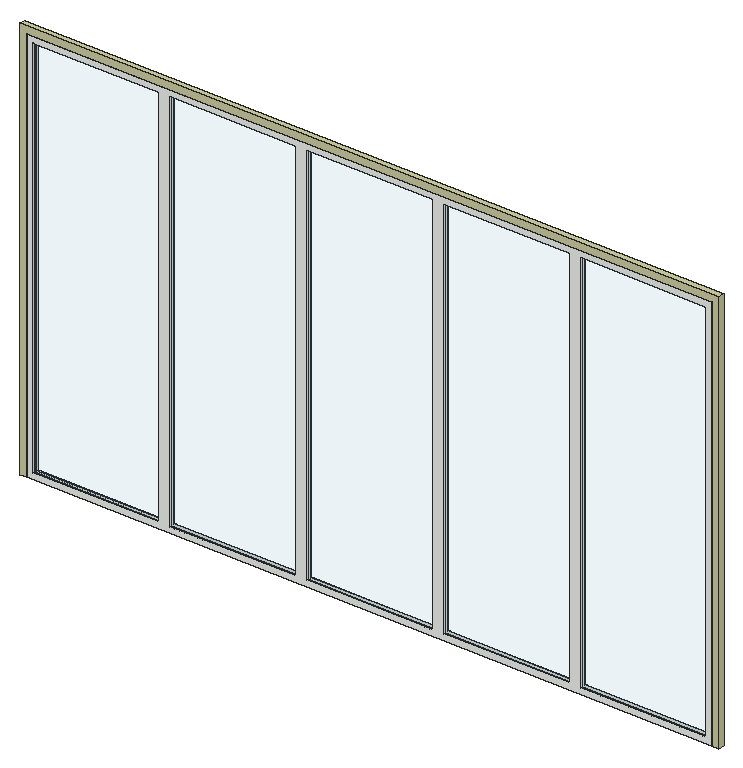
Revit family "Витраж RI 44 внутренний", category Окна, Revit 2016
Family settings
  Основа = Стена
  Номер OmniClass = 23.30.20.00
  Заголовок OmniClass = Windows
  Всегда вертикально = Да
  При загрузке вырезать с полостями = Нет
  Общий = Нет
  Точка расчета площади = Нет
Parameters (values of type "Витраж RI 44 внутренний")
  Четверть.Ширина [instance] = 50 mm
  Четверть.Высота [instance] = 50 mm
  Четверть.Верх [instance] = if(Четверть, Четверть.Высота, 0 mm)  # 50 mm
  Четверть.Бок [instance] = if(Четверть, Четверть.Ширина, 0 mm)  # 50 mm
  Четверть [instance] = yes
  Толщина = 0 mm  # constant formula
  Огнестойкость = ""
  Материал-Монтажный зазор = REALIT_Монтажный шов
  Глубина вставки [instance] = 100 mm
  Витраж.Ширина рамы [instance] = ADSK_Размер_Ширина  # 5000 mm
  Витраж.Ширина профиля = 44 mm
  Ширина проема [instance] = ADSK_Размер_Ширина + Монтажный зазор.Боковой * 2  # 5100 mm
  Цвет профиля = "RAL 9016"
  Формула стеклопакета = ""
  Толщина стеклопакета = "26"
  Стеклопакет.Толщина = 26 mm
  Система фурнитуры [instance] = ""
  Расчетное значение ветровой нагрузки [instance] = 0
  Рама.Окно.Ширина [instance] = 5000 mm
  Рама.Окно.Высота [instance] = 2900 mm
  Витраж.Шаг [instance] = ADSK_Размер_Шаг  # 1000 mm
  Витраж.Высота рамы [instance] = ADSK_Размер_Высота  # 2900 mm
  Витраж.Высота профиля2 = 80 mm
  Разработано = "support@bimlib.ru"  # constant formula
  Профильная система рамы = ""
  Проем.Окно.Ширина [instance] = 5100 mm
  Проем.Окно.Высота [instance] = 2950 mm
  Watermarked By = ""
  Rough Width = 0 mm  # constant formula
  Rough Height = 0 mm  # constant formula
  Подоконник.Глубина [instance] = 0 mm
  Площаль элемента [instance] = ADSK_Размер_Ширина * ADSK_Размер_Высота / 1000000 mm  # 14.5 mm
  Откосы.Глубина [instance] = 331 mm
  Наименование = "Витраж RI 44 внутренний"
  Монтажный зазор.Верх [instance] = 50 mm
  Монтажный зазор.Боковой [instance] = 50 mm
  Материал-Стеклопакет = REALIT_Стекло
  Материал-Рама = REALIT_Профиль_RAL 9016
  Материал-Подоконник = REALIT_ПВХ_Белый
  Изготовитель = "REALIT"  # constant formula
  ГОСТ = ""
  Витраж.Высота профиля1 = 43 mm
  Высота проема [instance] = ADSK_Размер_Высота + Монтажный зазор.Верх  # 2950 mm
  Height = 0 mm  # constant formula
  Замыкание стены = По основе
  Width = 0 mm  # constant formula
  Артикул створки/армирование створки = ""
  Артикул рамы/армирование рамы = ""
  Артикул импоста/армирование импоста = ""
  Аналитическая конструкция = "<Нет>"
  λ краевой зоны стеклопакета = 0.0000 (m²·K)/W
  URL = "http://www.realit.ru/"
  Rстеклопакета = 1.0000 (m²·K)/W
  Rпрофиля = 1.0000 (m²·K)/W
  Rпривед [instance] = 1 / (((Витраж.Ширина профиля / 1000 mm) * (5.4 - 4 * (Витраж.Ширина профиля / 1000 mm)) / (1.8 * Rпрофиля / Rед)) + ((1.2 - 2 * (Витраж.Ширина профиля / 1000 mm)) * (1.5 - 2 * (Витраж.Ширина профиля / 1000 mm)) / (1.8 * Rстеклопакета / Rед)) + (5.4 - 8 * (Витраж.Ширина профиля / 1000 mm)) * (λ краевой зоны стеклопакета / Rед))  # 1
  Rед = 1.0000 (m²·K)/W
  Iфактич [instance] = ""
  Iтреб [instance] = 0 mm
  ADSK_Этаж = ""
  ADSK_Размер_Ширина [instance] = 5000 mm
  ADSK_Размер_Шаг [instance] = 1000 mm
  ADSK_Размер_Высота [instance] = 2900 mm
  ADSK_Примечание [instance] = ""
  ADSK_Позиция [instance] = ""
  ADSK_Обозначение = ""
  ADSK_Наименование краткое = "Витраж RI 44 внутренний"  # constant formula
  ADSK_Масса_Текст = ""
  ADSK_Марка = ""
  ADSK_Код изделия = ""
  ADSK_Зона = ""
  ADSK_Завод-изготовитель [instance] = Изготовитель  # "REALIT"
  ADSK_Единица измерения = "шт."  # constant formula
  ADSK_Версия Revit = "Revit 2016"  # constant formula
Reference planes
  plane 1 "По центру (Вперед/Назад)": y = 0
  plane 2 "По центру (Влево/Вправо)": x = 0
  plane 3 "Наружный": y = 140
  plane 4 "Внутренние": y = -360
  plane 5: y = 40
  plane 6: z = 0
  plane 7: x = -2500
  plane 8: x = 2500
  plane 9: z = 2900
  plane 10: x = -2500
  plane 11: x = -2550
  plane 12: x = 2500
  plane 13: x = 2550
  plane 14: z = 2900
  plane 15: z = 2950
Forms (mm)
  Extrusion 1, void
    sketch origin (0, -360, 0) x (1, 0, 0) y (0, 0, 1)
      loop
        line (-2550, 2950) -> (-2550, 0) -> (2550, 0) -> (2550, 2950) -> (-2550, 2950)
    from 0 to -400
  Extrusion 2, void
    sketch origin (-1826.325, -245, 0) x (-1, 0, 0) y (0, -1, 0)
      loop
        line (673.675, -285) -> (-4326.325, -285) -> (-4326.325, -385) -> (673.675, -385) -> (673.675, -285)
    from 0 to 2900
  Extrusion 3, solid, material "REALIT_Монтажный шов" <- "Материал-Монтажный зазор"
    sketch origin (-1826.325, -245, 0) x (-1, 0, 0) y (0, -1, 0)
      loop
        line (723.675, -285) -> (723.675, -241) -> (673.675, -241) -> (673.675, -285) -> (723.675, -285)
      loop
        line (-4326.325, -241) -> (-4376.325, -241) -> (-4376.325, -285) -> (-4326.325, -285) -> (-4326.325, -241)
    from 0 to 2950
  Extrusion 4, solid, material "REALIT_Монтажный шов" <- "Материал-Монтажный зазор"
    sketch origin (-250, -245, 3390.632) x (0, 0, 1) y (0, -1, 0)
      loop
        line (-440.632, -285) -> (-440.632, -241) -> (-490.632, -241) -> (-490.632, -285) -> (-440.632, -285)
    from -2300 to 2800
Cuts and joins
  joined: Extrusion 3, Extrusion 4
Text (mm)
  text "Наружный" at (0, 923.751, 2943.296), in view "Справа"
  text "Наружный" at (0, 1040.484, 2685.409), in view "Слева"
Dimensions and locks
  locked: plane 3 "Наружный" to host wall at 0
  locked: plane 4 "Внутренние" to host wall
  "Глубина вставки": plane 5 to plane 3 "Наружный"
  equal spacing: plane 8, plane 2 "По центру (Влево/Вправо)", plane 7
  "ADSK_Размер_Ширина": plane 8 to plane 7
  "ADSK_Размер_Высота": plane 9 to level
  "Монтажный зазор.Боковой": plane 11 to plane 7
  "Монтажный зазор.Боковой": plane 8 to plane 13
  "Четверть.Бок": plane 12 to plane 13
  "Четверть.Бок": plane 11 to plane 10
  "Монтажный зазор.Верх": plane 9 to plane 15
  "Четверть.Верх": plane 14 to plane 15
  "Проем.Окно.Ширина": plane 13 to plane 11
  "Проем.Окно.Высота": plane 15 to plane 6
  "Рама.Окно.Ширина": plane 12 to plane 10
  "Рама.Окно.Высота": plane 14 to plane 6
  aligned and locked: Extrusion 1 to level
  aligned and locked: plane 7 to nested 1
  aligned and locked: nested 1 to plane 5
  aligned and locked: plane 5 to Extrusion 1
  aligned and locked: Extrusion 1 to plane 11
  aligned and locked: plane 13 to Extrusion 1
  aligned and locked: Extrusion 2 sketch curve to plane 5
  aligned and locked: Extrusion 2 sketch curve to plane 10
  aligned and locked: host wall to Extrusion 2 sketch curve
  aligned and locked: plane 12 to Extrusion 2 sketch curve
  aligned and locked: plane 14 to Extrusion 2
  aligned and locked: plane 15 to Extrusion 1
  aligned and locked: Extrusion 1 to plane 6
  aligned and locked: Extrusion 2 to level
  aligned and locked: Extrusion 3 sketch curve to plane 5
  aligned and locked: nested 1 to Extrusion 3 sketch curve
  aligned and locked: Extrusion 3 sketch curve to nested 1  (x3)
  aligned and locked: plane 5 to Extrusion 3 sketch curve
  aligned and locked: plane 5 to Extrusion 4 sketch curve
  aligned and locked: Extrusion 4 sketch curve to nested 1  (x2)
  aligned and locked: plane 13 to Extrusion 3 sketch curve
  aligned and locked: plane 11 to Extrusion 3 sketch curve
  aligned and locked: plane 15 to Extrusion 4 sketch curve
  aligned and locked: Extrusion 4 to plane 11
  aligned and locked: plane 15 to Extrusion 3
  aligned and locked: plane 13 to Extrusion 4
Automatic sketch dimensions
  plane 9 to Extrusion 1 sketch curve = 50 mm
  Extrusion 1 sketch curve to plane 7 = 50 mm
  plane 8 to Extrusion 1 sketch curve = 50 mm
  Extrusion 1 sketch curve to level = 0 mm
Nested families
  nested 1: "Витраж RI 44" at (0, 40, 0), Витраж.Высота <- "Витраж.Высота рамы", Витраж.Ширина <- "Витраж.Ширина рамы", Витраж.Шаг <- "Витраж.Шаг", type "Витраж RI 44"
    with Материал.Стеклопакет REALIT_Стекло, Материал.Профиль REALIT_Профиль_RAL 9016, Витраж.Ширина 5000 mm, Витраж.Шаг 1000 mm, Витраж.Высота 2900 mm
Definition of nested family "Витраж RI 44"
  Parameters (values of type "Витраж RI 44")
    Width = 0 mm  # constant formula
    Толщина = 0 mm  # constant formula
    Профиль2.Высота = 80 mm
    Manufacturer = "REALIT"  # constant formula
    Витраж.Шаг [instance] = 1000 mm
    Watermarked By = ""
    Type Comments = "﻿﻿             ﻿     ﻿                                                          ﻿   ​ ﻿               ﻿   ​                ​ ​       ​   ​ ​ ​​  ​ ​  ​     ​   ﻿﻿"
    Rough Width = 0 mm  # constant formula
    Rough Height = 0 mm  # constant formula
    Keynote = "﻿﻿             ﻿     ﻿                                                          ﻿   ​ ﻿               ﻿   ​                ​ ​       ​   ​ ​ ​​  ​ ​  ​     ​   ﻿﻿"
    Height = 0 mm  # constant formula
    Стеклопакет.Толщина = 26 mm
    Витраж.Ширина [instance] = 5000 mm
    Витраж.Высота [instance] = 2900 mm
    Профиль.Ширина = 44 mm
    Профиль1.Высота = 43 mm
    Материал.Стеклопакет [instance] = none
    Материал.Профиль [instance] = none
    Description = "Витраж RI 44"  # constant formula
    Assembly Code = "﻿﻿             ﻿     ﻿                                                          ﻿   ​ ﻿               ﻿   ​                ​ ​       ​   ​ ​ ​​  ​ ​  ​     ​   ﻿﻿"
    Analytic Construction = "<Нет>"
    b2 = 7 mm
    b1 = 11 mm
    URL = "http://www.realit.ru/"
  Reference planes
    plane 1 "По центру (Вперед/Назад)": y = 0
    plane 2: z = 0
    plane 3 "По центру (Влево/Вправо)": x = 0
    plane 4: y = -44
    plane 5: z = 2900
    plane 6: y = -7
    plane 7: x = -2500
    plane 8: x = 2500
    plane 9 "Ось Ручки": z = 1450
    plane 10: z = 1450
    plane 11: z = 43
    plane 12: y = -33
    plane 13: y = -33
    plane 14: z = 2857
    plane 15: x = 2457
    plane 16: x = -2457
    plane 17: x = -500
    plane 18: x = 500
    plane 19: x = -1500
    plane 20: x = 1500
    plane 21: x = -2000
    plane 22: x = -1000
    plane 23: x = 1000
    plane 24: x = 2000
    plane 25: x = -1540
    plane 26: x = -1460
    plane 27: x = -540
    plane 28: x = -460
    plane 29: x = 460
    plane 30: x = 540
    plane 31: x = 1460
    plane 32: x = 1540
  Forms (mm)
    Sweep 1, solid, material <- "Материал.Профиль", detail levels fine
      path origin (0, 0, 0) x (1, 0, 0) y (0, 0, 1)
        loop
          line (-2500, 2900) -> (-2500, 0) -> (2500, 0) -> (2500, 2900) -> (-2500, 2900)
      profile "Профиль RE 4490 : Профиль RE 4490" origin (0, 0, 2900) x (0, 0, 1) y (0, -1, 0)
        loop
          line (0, 0) -> (0, 44) -> (-43, 44) -> (-43, 33) -> (-26, 33) -> (-26, 7) -> (-43, 7) -> (-43, 0) -> (0, 0)
    Extrusion 2, solid, material <- "Материал.Стеклопакет"
      sketch origin (-650.953, -13.789, 0) x (1, 0, 0) y (0, 1, 0)
        loop
          line (-872.047, 6.789) -> (-1823.047, 6.789) -> (-1823.047, -19.211) -> (-872.047, -19.211) -> (-872.047, 6.789)
      from 26 to 2874
    Sweep 3, solid, material <- "Материал.Профиль", detail levels coarse+medium
      path origin (0, 0, 0) x (1, 0, 0) y (0, 0, 1)
        loop
          line (-2500, 2900) -> (-2500, 0) -> (2500, 0) -> (2500, 2900) -> (-2500, 2900)
      profile origin (0, 0, 2900) x (0, 0, 1) y (0, -1, 0)
        loop
          line (0, 0) -> (0, 44) -> (-43, 44) -> (-43, 0) -> (0, 0)
    Sweep 4, solid, material <- "Материал.Профиль", detail levels fine
      path origin (0, 0, 0) x (1, 0, 0) y (0, 0, 1)
        loop
          line (-1500, 2900) -> (-1500, 0)
      profile "Профиль RE 4485 : Профиль RE 4485" origin (-1500, 0, 1450) x (1, 0, 0) y (0, -1, 0)
        loop
          line (40, 0) -> (40, 7) -> (23, 7) -> (23, 33) -> (40, 33) -> (40, 44) -> (-40, 44) -> (-40, 33) -> (-23, 33) -> (-23, 7) -> (-40, 7) -> (-40, 0) -> (40, 0)
    Sweep 5, solid, material <- "Материал.Профиль", detail levels fine
      path origin (0, 0, 0) x (1, 0, 0) y (0, 0, 1)
        loop
          line (-500, 2900) -> (-500, 0)
      profile "Профиль RE 4485 : Профиль RE 4485" origin (-500, 0, 1450) x (1, 0, 0) y (0, -1, 0)
        loop
          line (40, 0) -> (40, 7) -> (23, 7) -> (23, 33) -> (40, 33) -> (40, 44) -> (-40, 44) -> (-40, 33) -> (-23, 33) -> (-23, 7) -> (-40, 7) -> (-40, 0) -> (40, 0)
    Sweep 6, solid, material <- "Материал.Профиль", detail levels fine
      path origin (0, 0, 0) x (1, 0, 0) y (0, 0, 1)
        loop
          line (500, 2900) -> (500, 0)
      profile "Профиль RE 4485 : Профиль RE 4485" origin (500, 0, 1450) x (1, 0, 0) y (0, -1, 0)
        loop
          line (40, 0) -> (40, 7) -> (23, 7) -> (23, 33) -> (40, 33) -> (40, 44) -> (-40, 44) -> (-40, 33) -> (-23, 33) -> (-23, 7) -> (-40, 7) -> (-40, 0) -> (40, 0)
    Sweep 7, solid, material <- "Материал.Профиль", detail levels fine
      path origin (0, 0, 0) x (1, 0, 0) y (0, 0, 1)
        loop
          line (1500, 2900) -> (1500, 0)
      profile "Профиль RE 4485 : Профиль RE 4485" origin (1500, 0, 1450) x (1, 0, 0) y (0, -1, 0)
        loop
          line (40, 0) -> (40, 7) -> (23, 7) -> (23, 33) -> (40, 33) -> (40, 44) -> (-40, 44) -> (-40, 33) -> (-23, 33) -> (-23, 7) -> (-40, 7) -> (-40, 0) -> (40, 0)
    Extrusion 8, solid, material <- "Материал.Стеклопакет"
      sketch origin (349.047, -13.789, 0) x (1, 0, 0) y (0, 1, 0)
        loop
          line (-872.047, 6.789) -> (-1826.047, 6.789) -> (-1826.047, -19.211) -> (-872.047, -19.211) -> (-872.047, 6.789)
      from 26 to 2874
    Extrusion 9, solid, material <- "Материал.Стеклопакет"
      sketch origin (3349.047, -13.789, 0) x (1, 0, 0) y (0, 1, 0)
        loop
          line (-875.047, 6.789) -> (-1826.047, 6.789) -> (-1826.047, -19.211) -> (-875.047, -19.211) -> (-875.047, 6.789)
      from 26 to 2874
    Extrusion 10, solid, material <- "Материал.Стеклопакет"
      sketch origin (1349.047, -13.789, 0) x (1, 0, 0) y (0, 1, 0)
        loop
          line (-872.047, 6.789) -> (-1826.047, 6.789) -> (-1826.047, -19.211) -> (-872.047, -19.211) -> (-872.047, 6.789)
      from 26 to 2874
    Extrusion 11, solid, material <- "Материал.Стеклопакет"
      sketch origin (2349.047, -13.789, 0) x (1, 0, 0) y (0, 1, 0)
        loop
          line (-872.047, 6.789) -> (-1826.047, 6.789) -> (-1826.047, -19.211) -> (-872.047, -19.211) -> (-872.047, 6.789)
      from 26 to 2874
    Extrusion 12, solid, material <- "Материал.Профиль", detail levels coarse+medium
      sketch origin (0, 0, 0) x (1, 0, 0) y (0, 1, 0)
        loop
          line (-1540, 0) -> (-1540, -44) -> (-1460, -44) -> (-1460, 0) -> (-1540, 0)
        loop
          line (-540, 0) -> (-540, -44) -> (-460, -44) -> (-460, 0) -> (-540, 0)
        loop
          line (460, 0) -> (460, -44) -> (540, -44) -> (540, 0) -> (460, 0)
        loop
          line (1460, 0) -> (1460, -44) -> (1540, -44) -> (1540, 0) -> (1460, 0)
      from 0 to 2900
  Cuts and joins
    joined: Sweep 1, Sweep 4, Sweep 5, Sweep 6, Sweep 7
    joined: Sweep 3, Extrusion 12
  Lines and regions (mm)
    model lines, detail levels coarse+medium
      curve 1: line (-2050, 0, 1450) -> (-1950, 0, 1450)
      curve 2: line (0, 0, 1400) -> (0, 0, 1500)
      curve 3: line (-50, 0, 1450) -> (50, 0, 1450)
      curve 4: line (1000, 0, 1400) -> (1000, 0, 1500)
      curve 5: line (1050, 0, 1450) -> (950, 0, 1450)
      curve 6: line (2000, 0, 1400) -> (2000, 0, 1500)
      curve 7: line (1950, 0, 1450) -> (2050, 0, 1450)
      curve 8: line (-1000, 0, 1400) -> (-1000, 0, 1500)
      curve 9: line (-1050, 0, 1450) -> (-950, 0, 1450)
      curve 10: line (-2000, 0, 1400) -> (-2000, 0, 1500)
  Dimensions and locks
    "Витраж.Высота": plane 5 to plane 2
    equal spacing: plane 8, plane 3 "По центру (Влево/Вправо)", plane 7
    "Витраж.Ширина": plane 8 to plane 7
    "b2": plane 1 "По центру (Вперед/Назад)" to plane 6
    "b1": plane 12 to plane 4
    "Профиль.Ширина": plane 1 "По центру (Вперед/Назад)" to plane 4
    "Профиль1.Высота": plane 5 to Sweep 3 sketch curve
    "Стеклопакет.Толщина": plane 6 to plane 13
    "Профиль1.Высота": plane 16 to plane 7
    "Профиль1.Высота": plane 8 to plane 15
    "Профиль1.Высота": plane 5 to plane 14
    "Профиль1.Высота": plane 11 to plane 2
    equal spacing: plane 18, plane 3 "По центру (Влево/Вправо)", plane 17
    "Витраж.Шаг": plane 18 to plane 17
    "Витраж.Шаг": plane 17 to plane 19
    "Витраж.Шаг": plane 20 to plane 18
    equal spacing: plane 7, plane 21, plane 19
    equal spacing: plane 17, plane 22, plane 19
    equal spacing: plane 20, plane 23, plane 18
    equal spacing: plane 20, plane 24, plane 8
    equal spacing: plane 26, plane 19, plane 25
    "Профиль2.Высота": plane 26 to plane 25
    equal spacing: plane 28, plane 17, plane 27
    "Профиль2.Высота": plane 28 to plane 27
    equal spacing: plane 30, plane 18, plane 29
    "Профиль2.Высота": plane 30 to plane 29
    equal spacing: plane 32, plane 20, plane 31
    "Профиль2.Высота": plane 32 to plane 31
    equal spacing: plane 5, plane 10, plane 2
    aligned and locked: level to plane 2
    aligned and locked: Sweep 1 sketch curve to plane 5
    aligned and locked: Sweep 1 sketch curve to plane 7
    aligned and locked: Sweep 1 sketch curve to plane 8
    aligned and locked: Sweep 3 sketch curve to plane 5
    aligned and locked: Sweep 3 sketch curve to plane 8
    aligned and locked: Sweep 3 sketch curve to plane 7
    aligned and locked: plane 5 to Sweep 3 sketch curve
    aligned and locked: Sweep 3 sketch curve to plane 1 "По центру (Вперед/Назад)"
    aligned and locked: plane 4 to Sweep 3 sketch curve
    aligned and locked: Extrusion 2 to Sweep 1  (x2)
    aligned and locked: Extrusion 2 to plane 6
    aligned and locked: plane 12 to Extrusion 2
    aligned and locked: Sweep 3 sketch curve to plane 2
    aligned and locked: Sweep 1 sketch curve to level
    aligned and locked: Sweep 4 sketch curve to plane 19
    aligned and locked: Sweep 5 sketch curve to plane 17
    aligned and locked: Sweep 6 sketch curve to plane 18
    aligned and locked: plane 20 to Sweep 7 sketch curve
    aligned and locked: Extrusion 2 to cut or joined group of Sweep 1, Sweep 4, Sweep 5, Sweep 6, Sweep 7  (x5)
    aligned and locked: Extrusion 9 to cut or joined group of Sweep 1, Sweep 4, Sweep 5, Sweep 6, Sweep 7  (x4)
    aligned and locked: Extrusion 2 to Extrusion 8
    aligned and locked: Extrusion 8 to Extrusion 2
    aligned and locked: Extrusion 11 to cut or joined group of Sweep 1, Sweep 4, Sweep 5, Sweep 6, Sweep 7  (x4)
    aligned and locked: Extrusion 10 to cut or joined group of Sweep 1, Sweep 4, Sweep 5, Sweep 6, Sweep 7  (x4)
    aligned and locked: Extrusion 8 to cut or joined group of Sweep 1, Sweep 4, Sweep 5, Sweep 6, Sweep 7  (x3)
    aligned and locked: Extrusion 12 sketch curve to cut or joined group of Sweep 1, Sweep 4, Sweep 5, Sweep 6, Sweep 7  (x16)
    aligned and locked: Extrusion 12 to level
    aligned and locked: plane 5 to Extrusion 12
    aligned and locked: plane 12 to Extrusion 9
    aligned and locked: plane 13 to Extrusion 2
    aligned and locked: plane 12 to Extrusion 11
    aligned and locked: Extrusion 11 to plane 6
    aligned and locked: Extrusion 9 to plane 6
    aligned and locked: plane 13 to Extrusion 9
  Automatic sketch dimensions
    Sweep 4 sketch curve to level = 0 mm
    Sweep 4 sketch curve to plane 5 = 0 mm
    Sweep 5 sketch curve to level = 0 mm
    Sweep 5 sketch curve to plane 5 = 0 mm
    Sweep 6 sketch curve to level = 0 mm
    Sweep 6 sketch curve to plane 5 = 0 mm
    Sweep 7 sketch curve to level = 0 mm
    Sweep 7 sketch curve to plane 5 = 0 mm
    Extrusion 2 sketch curve to plane 6 = 0 mm
    Extrusion 2 sketch curve to plane 12 = 0 mm
    plane 16 to Extrusion 2 sketch curve = 17 mm
    plane 25 to Extrusion 2 sketch curve = 17 mm
    Extrusion 8 sketch curve to plane 6 = 0 mm
    Extrusion 8 sketch curve to plane 12 = 0 mm
    plane 26 to Extrusion 8 sketch curve = 17 mm
    plane 27 to Extrusion 8 sketch curve = 17 mm
    plane 6 to Extrusion 9 sketch curve = 0 mm
    plane 12 to Extrusion 9 sketch curve = 0 mm
    plane 32 to Extrusion 9 sketch curve = 17 mm
    plane 15 to Extrusion 9 sketch curve = 17 mm
    plane 6 to Extrusion 10 sketch curve = 0 mm
    plane 12 to Extrusion 10 sketch curve = 0 mm
    plane 28 to Extrusion 10 sketch curve = 17 mm
    plane 29 to Extrusion 10 sketch curve = 17 mm
    Extrusion 11 sketch curve to plane 6 = 0 mm
    plane 12 to Extrusion 11 sketch curve = 0 mm
    plane 30 to Extrusion 11 sketch curve = 17 mm
    plane 31 to Extrusion 11 sketch curve = 17 mm
    curve 1 to plane 9 "Ось Ручки" = 0 mm
    curve 1 to plane 21 = 50 mm
    plane 21 to curve 1 = 50 mm
    curve 2 to plane 3 "По центру (Влево/Вправо)" = 0 mm
    curve 2 to plane 9 "Ось Ручки" = 50 mm
    plane 9 "Ось Ручки" to curve 2 = 50 mm
    curve 3 to plane 9 "Ось Ручки" = 0 mm
    curve 3 to plane 3 "По центру (Влево/Вправо)" = 50 mm
    plane 3 "По центру (Влево/Вправо)" to curve 3 = 50 mm
    curve 4 to plane 23 = 0 mm
    curve 4 to plane 9 "Ось Ручки" = 50 mm
    plane 9 "Ось Ручки" to curve 4 = 50 mm
    curve 5 to plane 9 "Ось Ручки" = 0 mm
    curve 5 to plane 23 = 50 mm
    plane 23 to curve 5 = 50 mm
    plane 24 to curve 6 = 0 mm
    curve 6 to plane 9 "Ось Ручки" = 50 mm
    plane 9 "Ось Ручки" to curve 6 = 50 mm
    curve 7 to plane 9 "Ось Ручки" = 0 mm
    plane 24 to curve 7 = 50 mm
    curve 7 to plane 24 = 50 mm
    plane 22 to curve 8 = 0 mm
    curve 8 to plane 9 "Ось Ручки" = 50 mm
    plane 9 "Ось Ручки" to curve 8 = 50 mm
    curve 9 to plane 9 "Ось Ручки" = 0 mm
    plane 22 to curve 9 = 50 mm
    curve 9 to plane 22 = 50 mm
    curve 10 to plane 21 = 0 mm
    curve 10 to plane 9 "Ось Ручки" = 50 mm
    plane 9 "Ось Ручки" to curve 10 = 50 mm
